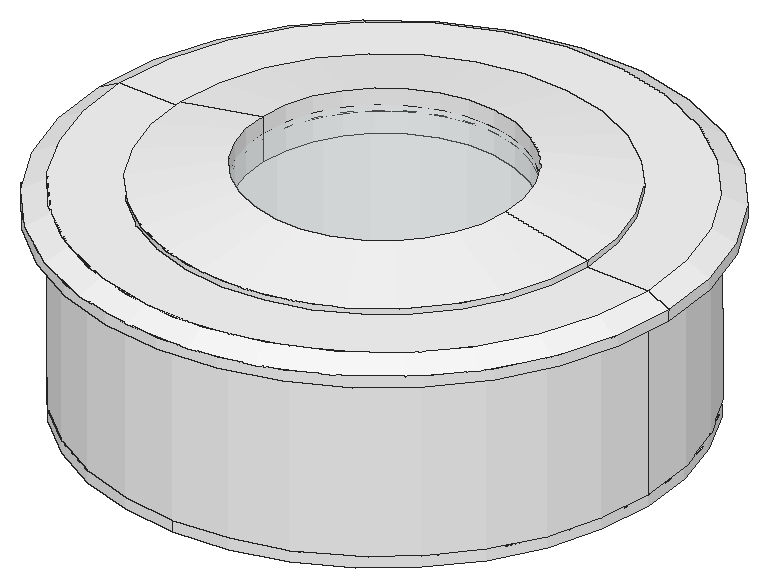
Revit family "Ceileo-RD", category Lighting Fixtures, host Face, Revit 2021
Family settings
  Host = Face
  Round Connector Dimension = Use Diameter
  Part Type = Normal
  OmniClass Number = 23.80.70.11
  OmniClass Title = Luminaries for Internal Lighting
  Cut with Voids When Loaded = No
  Light Source = No
  Shared = No
  Room Calculation Point = No
Parameters (values of type "CLO RD-WHT")
  Voltage = 120 V
  Wattage Comments = ""
  URL = "https://www.currentlighting.com/beacon"
  Product Page URL = ""
  Product Documentation Link = ""
  Photometric Web = Web CLO : CLO-24NB-55-3K-5X5
  Nominal Watts = 55 W
  Model = "CLO RD"  # constant formula
  Manufacturer = "Beacon Products"  # constant formula
  Lamp = "LED Lamp"
  Glass = White Glass
  Description = "Ceileo is a commercial grade LED canopy luminaire that utilizes high powered LED’s with precise efficient optical control and on board wattage and lumen choices."  # constant formula
  Default Elevation = 48"
  Backbox = Paint- White
  Apparent Load = 55 VA
Types (13): name | Wattage Comments | Photometric Web | Backbox
  (no name) | "" | Web CLO : CLO-24NB-55-3K-5X5 | Paint- White
  CLO RD-BBT | "" | Web CLO : CLO-24NB-55-4K-3X5 | Paint- Black Textured
  CLO RD-BMT | "55 W" | Web CLO : CLO-24NB-55-3K-5X5 | Paint- Black Matte Textured
  CLO RD-WHT | "" | Web CLO : CLO-24NB-55-3K-5X5 | Paint- White
  CLO RD-BZT | "" | Web CLO : CLO-24NB-55-3K-5X5 | Paint- Bronze Textured
  CLO RD-MBT | "" | Web CLO : CLO-24NB-55-3K-5X5 | Paint- Mettalic Bronze Textured
  CLO RD-DBT | "" | Web CLO : CLO-24NB-55-3K-5X5 | Paint- Dark  Bronze Textured
  CLO RD-GYS | "" | Web CLO : CLO-24NB-55-3K-5X5 | Paint- Grey smooth
  CLO RD-DPS | "" | Web CLO : CLO-24NB-55-3K-5X5 | Paint- Dark Platinum Smooth
  CLO RD-GNT | "" | Web CLO : CLO-24NB-55-3K-5X5 | Paint- Green Textured
  CLO RD-MST | "" | Web CLO : CLO-24NB-55-3K-5X5 | Paint- Mettallic Silver Textured
  CLO RD-MTT | "" | Web CLO : CLO-24NB-55-3K-5X5 | Paint- Metallic titanium textured
  CLO RD-OWI | "" | Web CLO : CLO-24NB-55-3K-5X5 | Paint- Old World Iron
Reference planes (in)
  plane 1 "Center (Front/Back)": y = 0.03999
  plane 2: z = 0
  plane 3 "Center (Left/Right)": x = 1.66944
  plane 4: x = -5.33056
  plane 5: x = 8.66944
  plane 6: z = 1
  plane 7: z = -4
  plane 8: z = 0.5
  plane 9: x = -3.33056
  plane 10: x = -2.83056
  plane 11: x = -4.83056
  plane 12: z = 0.625
  plane 13: x = -1.33056
  plane 14: z = -4.25
Forms (in)
  Revolve 1, solid, material "Paint- White" <- "Backbox"
    sketch origin (0, 0.03999, 0) x (1, 0, 0) y (0, 0, 1)
      loop
        line (-5.33056, 0.25) -> (-5.33056, 0) -> (-4.83056, 0) -> (-4.83056, -4) -> (-2.83056, -4) -> (-2.83056, 0.5) -> (-4.83056, 0.5) -> (-5.33056, 0.25)
      axis (1.66944, 0.5) -> (1.66944, -4)
    angle from 0 to 360
  Revolve 2, solid, material "Paint- White" <- "Backbox"
    sketch origin (0, 0.03999, 0) x (1, 0, 0) y (0, 0, 1)
      loop
        line (-3.33056, 0.5) -> (-2.83056, 0.5) -> (-2.83056, 0) -> (-1.33056, 0) -> (-1.33056, 1) -> (-3.33056, 0.625) -> (-3.33056, 0.5)
      axis (1.66944, 1) -> (1.66944, 0)
    angle from 0 to 360
  Extrusion 3, solid, material "White Glass" <- "Glass"
    sketch origin (1.66944, 0.03999, 0.5) x (0, 1, 0) y (-1, 0, 0)
      loop
        circle (0, 0) r 3
    from 0 to 0.125
  Extrusion 4, solid, material "Paint- White" <- "Backbox"
    sketch origin (1.66944, 0.03999, -4) x (0, 1, 0) y (1, 0, 0)
      loop
        circle (0, 0) r 6.5
    from 0 to 0.25
Dimensions and locks (in)
  equal spacing: plane 5, plane 3 "Center (Left/Right)", plane 4
  locked: plane 10 to plane 4 at 2.5
  locked: plane 5 to plane 4 at 14
  plane 6 to plane 12 to plane 8 to host face = 3/8" locked, 1/8" locked, 1/2" locked
  locked: host face to plane 7 at 4
  locked: plane 9 to plane 4 at 2
  locked: plane 11 to plane 4 at 0.5
  locked: plane 3 "Center (Left/Right)" to plane 13 at 3
  locked: plane 7 to plane 14 at 0.25
  aligned and locked: plane 2 to host face
  aligned and locked: level to host face
  aligned and locked: Revolve 1 sketch curve to plane 3 "Center (Left/Right)"
  aligned and locked: plane 4 to Revolve 1 sketch curve
  aligned and locked: Revolve 1 sketch curve to plane 8
  aligned and locked: plane 10 to Revolve 1 sketch curve
  aligned and locked: Revolve 2 sketch curve to plane 3 "Center (Left/Right)"
  aligned and locked: Revolve 2 sketch curve to host face
  aligned and locked: Revolve 2 sketch curve to plane 10
  aligned and locked: Revolve 2 sketch curve to plane 8
  aligned and locked: plane 9 to Revolve 2 sketch curve
  aligned and locked: Extrusion 3 to plane 12
  aligned and locked: Extrusion 3 to plane 8
  aligned and locked: plane 12 to Extrusion 3
  aligned and locked: Revolve 1 sketch curve to plane 7
  aligned and locked: Revolve 2 sketch curve to plane 13
  aligned and locked: Revolve 1 sketch curve to host face
  aligned and locked: Extrusion 4 sketch curve to Revolve 1
  aligned and locked: Extrusion 4 to plane 14
  aligned and locked: plane 7 to Extrusion 4
  aligned and locked: plane 3 "Center (Left/Right)" to nested 1
  aligned and locked: nested 1 to plane 1 "Center (Front/Back)"
Automatic sketch dimensions
  host sketch curve to host sketch curve = 66.62788"
  host sketch curve to host sketch curve = 96"
  Revolve 1 sketch curve to plane 11 = 0"  (x2)
  Revolve 1 sketch curve to plane 7 = 15 3/4"
  Revolve 1 sketch curve to Revolve 1 sketch curve = 1/4"
  plane 6 to Revolve 1 sketch curve = 12 1/2"
  Revolve 2 sketch curve to plane 6 = 0"
  Revolve 2 sketch curve to plane 12 = 0"
  Revolve 2 sketch curve to plane 7 = 5.98751"
  plane 6 to Revolve 2 sketch curve = 2.88012"
  radius of Extrusion 3 sketch curve to Revolve 1 = 1 1/2"
Nested families (in)
  nested 1: "Web CLO" at (1.70943, 0.27895, 0.625) x (0, 1, 0) z (0, 0, 1), type <- "Photometric Web", type "CLO-24NB-55-3K-5X5"
Connectors (in)
  electrical at (1.66944, 0.03999, -4.25), driven by "Voltage", driven by "Apparent Load"
    settings: on Extrusion 4, index 1, voltage 120 V, apparent load 55 VA, apparent load phase1 0 VA, apparent load phase2 0 VA, apparent load phase3 0 VA, power factor 1, load classification "Other", number of poles 1, system type 30, power factor state 1, is connector primary yes, connector utility no, sub classification motor no, connector description "Lighting Connector"
Definition of nested family "Web CLO"
  Parameters
    Wattage Comments = ""
    Wattage = 55 W
    built-in parameter 1150110 = 1 (stored number, unit not read)
    URL = ""
    built-in parameter 1114217 = 1 (stored number, unit not read)
    Tilt Angle = -90.00°
    built-in parameter 1150109 = 1 (stored number, unit not read)
    built-in parameter 1150134 = (empty or 0)
    built-in parameter 1150113 = 1 (stored number, unit not read)
    Product Page URL = ""
    Product Documentation Link = ""
    Photometric Web File = "CLO-24NB-55-3K-5X5.IES"
    Model = ""
    Manufacturer Phone = ""
    Manufacturer Fax = ""
    Manufacturer = "Beacon Lighting"  # constant formula
    built-in parameter 1150105 = 354.12 (stored number, unit not read)
    Lumens = 4450.05 lm
    built-in parameter 1150115 = 1 (stored number, unit not read)
    built-in parameter 1150137 = (empty or 0)
    built-in parameter 1150139 = (empty or 0)
    built-in parameter 1150112 = 1 (stored number, unit not read)
    built-in parameter 1150114 = 1 (stored number, unit not read)
    Lamp = ""
    built-in parameter 1150132 = (empty or 0)
    built-in parameter 1150102 = (empty or 0)
    built-in parameter 1150107 = 3000 (stored number, unit not read)
    built-in parameter 1150138 = (empty or 0)
    built-in parameter 1150106 = 3.5412 (stored number, unit not read)
    Emit from Line Length = 3"
    built-in parameter 1150104 = 7.5168 (stored number, unit not read)
    Dimming Lamp Color Temperature Shift = (empty or 0)
    Description = ""
    Default Elevation = 48"
    Color Filter = 16777215
    built-in parameter 1114218 = 1 (stored number, unit not read)
    built-in parameter 1150133 = 10 (stored number, unit not read)
  Reference planes (in)
    plane 1 "Center (Front/Back)": y = 0.03999
    plane 2: z = 0
    plane 3 "Center (Left/Right)": x = -0.23896
  Forms (in)
    Extrusion 1, solid
      sketch origin (0, 0, 0.06357) x (1, 0, 0) y (0, 1, 0)
        loop
          line (-48, 48) -> (-48, -48) -> (48, -48) -> (48, 48) -> (-48, 48)
      from -0.06357 to -13.79058
  Lines and regions (in)
    reference lines
      curve 1: line (-0.23896, 0.03999, 18.11448) -> (-0.23896, 0.03999, -22.88552)
      curve 2: line (-0.23896, 0.03999, 34) -> (-0.23896, 0.03999, -22.88552)
  Dimensions and locks (in)
    aligned and locked: plane 2 to Extrusion 1
    aligned and locked: level to Extrusion 1
    aligned and locked: Extrusion 1 to imposter light
    aligned and locked: plane 3 "Center (Left/Right)" to imposter light
    aligned and locked: imposter light to plane 1 "Center (Front/Back)"
    aligned and locked: curve 1 to plane 3 "Center (Left/Right)"
    aligned and locked: plane 1 "Center (Front/Back)" to curve 2
